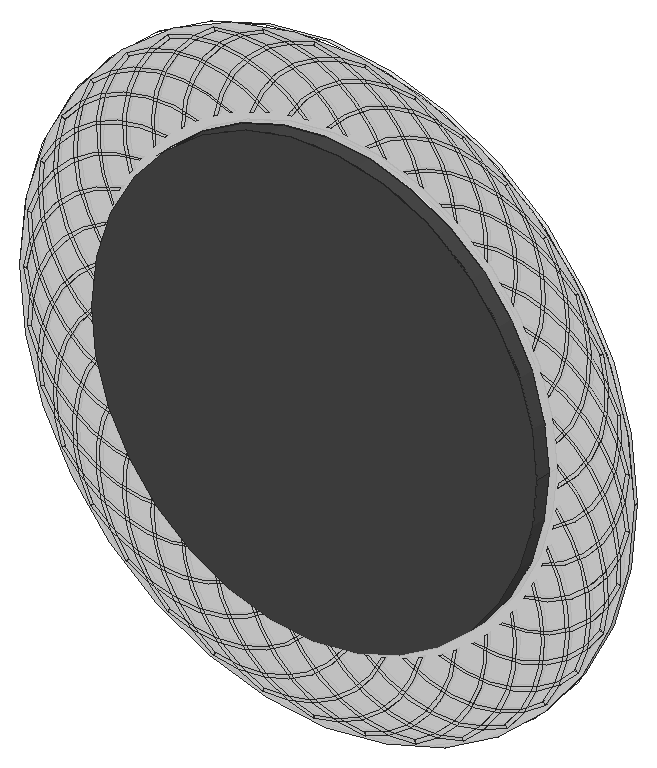
Revit family "3-1201-xx Perla Mirror", category Luminarias, Revit 2021 (continued)
Definition of nested family "Family1"
  Automatic sketch dimensions
    Extrusion 46 sketch curve to Extrusion 46 sketch curve = 97.763 mm
    Extrusion 46 sketch curve to Extrusion 46 sketch curve = 1.633 mm
    Extrusion 46 sketch curve to Extrusion 46 sketch curve = 50.922 mm
    Extrusion 46 sketch curve to Extrusion 46 sketch curve = 1.215 mm
    Extrusion 46 sketch curve to Extrusion 46 sketch curve = 1.302 mm
    Extrusion 46 sketch curve to Extrusion 46 sketch curve = 1.799 mm
    Extrusion 46 sketch curve to Extrusion 46 sketch curve = 3.118 mm
    Extrusion 47 sketch curve to Extrusion 47 sketch curve = 3.864 mm
    Extrusion 47 sketch curve to Extrusion 47 sketch curve = 97.763 mm
    Extrusion 47 sketch curve to Extrusion 47 sketch curve = 1.633 mm
    Extrusion 47 sketch curve to Extrusion 47 sketch curve = 50.922 mm
    Extrusion 47 sketch curve to Extrusion 47 sketch curve = 1.215 mm
    Extrusion 47 sketch curve to Extrusion 47 sketch curve = 1.302 mm
    Extrusion 47 sketch curve to Extrusion 47 sketch curve = 1.799 mm
    Extrusion 47 sketch curve to Extrusion 47 sketch curve = 3.118 mm
    Extrusion 48 sketch curve to Extrusion 48 sketch curve = 3.864 mm
    Extrusion 48 sketch curve to Extrusion 48 sketch curve = 97.763 mm
    Extrusion 48 sketch curve to Extrusion 48 sketch curve = 1.633 mm
    Extrusion 48 sketch curve to Extrusion 48 sketch curve = 50.922 mm
    Extrusion 48 sketch curve to Extrusion 48 sketch curve = 1.215 mm
    Extrusion 48 sketch curve to Extrusion 48 sketch curve = 1.302 mm
    Extrusion 48 sketch curve to Extrusion 48 sketch curve = 1.799 mm
    Extrusion 48 sketch curve to Extrusion 48 sketch curve = 3.118 mm
    Extrusion 49 sketch curve to Extrusion 49 sketch curve = 3.864 mm
    Extrusion 49 sketch curve to Extrusion 49 sketch curve = 97.763 mm
    Extrusion 49 sketch curve to Extrusion 49 sketch curve = 1.633 mm
    Extrusion 49 sketch curve to Extrusion 49 sketch curve = 50.922 mm
    Extrusion 49 sketch curve to Extrusion 49 sketch curve = 1.215 mm
    Extrusion 49 sketch curve to Extrusion 49 sketch curve = 1.302 mm
    Extrusion 49 sketch curve to Extrusion 49 sketch curve = 1.799 mm
    Extrusion 49 sketch curve to Extrusion 49 sketch curve = 3.118 mm
    Extrusion 50 sketch curve to Extrusion 50 sketch curve = 3.864 mm
    Extrusion 50 sketch curve to Extrusion 50 sketch curve = 97.763 mm
    Extrusion 50 sketch curve to Extrusion 50 sketch curve = 1.633 mm
    Extrusion 50 sketch curve to Extrusion 50 sketch curve = 50.922 mm
    Extrusion 50 sketch curve to Extrusion 50 sketch curve = 1.215 mm
    Extrusion 50 sketch curve to Extrusion 50 sketch curve = 1.302 mm
    Extrusion 50 sketch curve to Extrusion 50 sketch curve = 1.799 mm
    Extrusion 50 sketch curve to Extrusion 50 sketch curve = 3.118 mm
    Extrusion 51 sketch curve to Extrusion 51 sketch curve = 3.864 mm
    Extrusion 51 sketch curve to Extrusion 51 sketch curve = 97.763 mm
    Extrusion 51 sketch curve to Extrusion 51 sketch curve = 1.633 mm
    Extrusion 51 sketch curve to Extrusion 51 sketch curve = 50.922 mm
    Extrusion 51 sketch curve to Extrusion 51 sketch curve = 1.215 mm
    Extrusion 51 sketch curve to Extrusion 51 sketch curve = 1.302 mm
    Extrusion 51 sketch curve to Extrusion 51 sketch curve = 1.799 mm
    Extrusion 51 sketch curve to Extrusion 51 sketch curve = 3.118 mm
    Extrusion 52 sketch curve to Extrusion 52 sketch curve = 3.864 mm
    Extrusion 52 sketch curve to Extrusion 52 sketch curve = 97.763 mm
    Extrusion 52 sketch curve to Extrusion 52 sketch curve = 1.633 mm
    Extrusion 52 sketch curve to Extrusion 52 sketch curve = 50.922 mm
    Extrusion 52 sketch curve to Extrusion 52 sketch curve = 1.215 mm
    Extrusion 52 sketch curve to Extrusion 52 sketch curve = 1.302 mm
    Extrusion 52 sketch curve to Extrusion 52 sketch curve = 1.799 mm
    Extrusion 52 sketch curve to Extrusion 52 sketch curve = 3.118 mm
    Extrusion 53 sketch curve to Extrusion 53 sketch curve = 3.864 mm
    Extrusion 53 sketch curve to Extrusion 53 sketch curve = 97.763 mm
    Extrusion 53 sketch curve to Extrusion 53 sketch curve = 1.633 mm
    Extrusion 53 sketch curve to Extrusion 53 sketch curve = 50.922 mm
    Extrusion 53 sketch curve to Extrusion 53 sketch curve = 1.215 mm
    Extrusion 53 sketch curve to Extrusion 53 sketch curve = 1.302 mm
    Extrusion 53 sketch curve to Extrusion 53 sketch curve = 1.799 mm
    Extrusion 53 sketch curve to Extrusion 53 sketch curve = 3.118 mm
    Extrusion 54 sketch curve to Extrusion 54 sketch curve = 3.864 mm
    Extrusion 54 sketch curve to Extrusion 54 sketch curve = 97.763 mm
    Extrusion 54 sketch curve to Extrusion 54 sketch curve = 1.633 mm
    Extrusion 54 sketch curve to Extrusion 54 sketch curve = 50.922 mm
    Extrusion 54 sketch curve to Extrusion 54 sketch curve = 1.215 mm
    Extrusion 54 sketch curve to Extrusion 54 sketch curve = 1.302 mm
    Extrusion 54 sketch curve to Extrusion 54 sketch curve = 1.799 mm
    Extrusion 54 sketch curve to Extrusion 54 sketch curve = 3.118 mm
    Extrusion 55 sketch curve to Extrusion 55 sketch curve = 3.864 mm
    Extrusion 55 sketch curve to Extrusion 55 sketch curve = 97.763 mm
    Extrusion 55 sketch curve to Extrusion 55 sketch curve = 1.633 mm
    Extrusion 55 sketch curve to Extrusion 55 sketch curve = 50.922 mm
    Extrusion 55 sketch curve to Extrusion 55 sketch curve = 1.215 mm
    Extrusion 55 sketch curve to Extrusion 55 sketch curve = 1.302 mm
    Extrusion 55 sketch curve to Extrusion 55 sketch curve = 1.799 mm
    Extrusion 55 sketch curve to Extrusion 55 sketch curve = 3.118 mm
    Extrusion 56 sketch curve to Extrusion 56 sketch curve = 3.864 mm
    Extrusion 56 sketch curve to Extrusion 56 sketch curve = 97.763 mm
    Extrusion 56 sketch curve to Extrusion 56 sketch curve = 1.633 mm
    Extrusion 56 sketch curve to Extrusion 56 sketch curve = 50.922 mm
    Extrusion 56 sketch curve to Extrusion 56 sketch curve = 1.215 mm
    Extrusion 56 sketch curve to Extrusion 56 sketch curve = 1.302 mm
    Extrusion 56 sketch curve to Extrusion 56 sketch curve = 1.799 mm
    Extrusion 56 sketch curve to Extrusion 56 sketch curve = 3.118 mm
    Extrusion 57 sketch curve to Extrusion 57 sketch curve = 3.864 mm
    Extrusion 57 sketch curve to Extrusion 57 sketch curve = 97.763 mm
    Extrusion 57 sketch curve to Extrusion 57 sketch curve = 1.633 mm
    Extrusion 57 sketch curve to Extrusion 57 sketch curve = 50.922 mm
    Extrusion 57 sketch curve to Extrusion 57 sketch curve = 1.215 mm
    Extrusion 57 sketch curve to Extrusion 57 sketch curve = 1.302 mm
    Extrusion 57 sketch curve to Extrusion 57 sketch curve = 1.799 mm
    Extrusion 57 sketch curve to Extrusion 57 sketch curve = 3.118 mm
    Extrusion 58 sketch curve to Extrusion 58 sketch curve = 3.864 mm
    Extrusion 58 sketch curve to Extrusion 58 sketch curve = 97.763 mm
    Extrusion 58 sketch curve to Extrusion 58 sketch curve = 1.633 mm
    Extrusion 58 sketch curve to Extrusion 58 sketch curve = 50.922 mm
    Extrusion 58 sketch curve to Extrusion 58 sketch curve = 1.215 mm
    Extrusion 58 sketch curve to Extrusion 58 sketch curve = 1.302 mm
    Extrusion 58 sketch curve to Extrusion 58 sketch curve = 1.799 mm
    Extrusion 58 sketch curve to Extrusion 58 sketch curve = 3.118 mm
    Extrusion 59 sketch curve to Extrusion 59 sketch curve = 3.864 mm
    Extrusion 59 sketch curve to Extrusion 59 sketch curve = 97.763 mm
    Extrusion 59 sketch curve to Extrusion 59 sketch curve = 1.633 mm
    Extrusion 59 sketch curve to Extrusion 59 sketch curve = 50.922 mm
    Extrusion 59 sketch curve to Extrusion 59 sketch curve = 1.215 mm
    Extrusion 59 sketch curve to Extrusion 59 sketch curve = 1.302 mm
    Extrusion 59 sketch curve to Extrusion 59 sketch curve = 1.799 mm
    Extrusion 59 sketch curve to Extrusion 59 sketch curve = 3.118 mm
    Extrusion 60 sketch curve to Extrusion 60 sketch curve = 3.864 mm
    Extrusion 60 sketch curve to Extrusion 60 sketch curve = 97.763 mm
    Extrusion 60 sketch curve to Extrusion 60 sketch curve = 1.633 mm
    Extrusion 60 sketch curve to Extrusion 60 sketch curve = 50.922 mm
    Extrusion 60 sketch curve to Extrusion 60 sketch curve = 1.215 mm
    Extrusion 60 sketch curve to Extrusion 60 sketch curve = 1.302 mm
    Extrusion 60 sketch curve to Extrusion 60 sketch curve = 1.799 mm
    Extrusion 60 sketch curve to Extrusion 60 sketch curve = 3.118 mm
    Extrusion 61 sketch curve to Extrusion 61 sketch curve = 3.864 mm
    Extrusion 61 sketch curve to Extrusion 61 sketch curve = 97.763 mm
    Extrusion 61 sketch curve to Extrusion 61 sketch curve = 1.633 mm
    Extrusion 61 sketch curve to Extrusion 61 sketch curve = 50.922 mm
    Extrusion 61 sketch curve to Extrusion 61 sketch curve = 1.215 mm
    Extrusion 61 sketch curve to Extrusion 61 sketch curve = 1.302 mm
    Extrusion 61 sketch curve to Extrusion 61 sketch curve = 1.799 mm
    Extrusion 61 sketch curve to Extrusion 61 sketch curve = 3.118 mm
    Extrusion 62 sketch curve to Extrusion 62 sketch curve = 3.864 mm
    Extrusion 62 sketch curve to Extrusion 62 sketch curve = 97.763 mm
    Extrusion 62 sketch curve to Extrusion 62 sketch curve = 1.633 mm
    Extrusion 62 sketch curve to Extrusion 62 sketch curve = 50.922 mm
    Extrusion 62 sketch curve to Extrusion 62 sketch curve = 1.215 mm
    Extrusion 62 sketch curve to Extrusion 62 sketch curve = 1.302 mm
    Extrusion 62 sketch curve to Extrusion 62 sketch curve = 1.799 mm
    Extrusion 62 sketch curve to Extrusion 62 sketch curve = 3.118 mm
    Extrusion 63 sketch curve to Extrusion 63 sketch curve = 3.864 mm
    Extrusion 63 sketch curve to Extrusion 63 sketch curve = 97.763 mm
    Extrusion 63 sketch curve to Extrusion 63 sketch curve = 1.633 mm
    Extrusion 63 sketch curve to Extrusion 63 sketch curve = 50.922 mm
    Extrusion 63 sketch curve to Extrusion 63 sketch curve = 1.215 mm
    Extrusion 63 sketch curve to Extrusion 63 sketch curve = 1.302 mm
    Extrusion 63 sketch curve to Extrusion 63 sketch curve = 1.799 mm
    Extrusion 63 sketch curve to Extrusion 63 sketch curve = 3.118 mm
    Extrusion 64 sketch curve to Extrusion 64 sketch curve = 3.864 mm
    Extrusion 64 sketch curve to Extrusion 64 sketch curve = 97.763 mm
    Extrusion 64 sketch curve to Extrusion 64 sketch curve = 1.633 mm
    Extrusion 64 sketch curve to Extrusion 64 sketch curve = 50.922 mm
    Extrusion 64 sketch curve to Extrusion 64 sketch curve = 1.215 mm
    Extrusion 64 sketch curve to Extrusion 64 sketch curve = 1.302 mm
    Extrusion 64 sketch curve to Extrusion 64 sketch curve = 1.799 mm
    Extrusion 64 sketch curve to Extrusion 64 sketch curve = 3.118 mm
    Extrusion 65 sketch curve to Extrusion 65 sketch curve = 3.864 mm
    Extrusion 65 sketch curve to Extrusion 65 sketch curve = 97.763 mm
    Extrusion 65 sketch curve to Extrusion 65 sketch curve = 1.633 mm
    Extrusion 65 sketch curve to Extrusion 65 sketch curve = 50.922 mm
    Extrusion 65 sketch curve to Extrusion 65 sketch curve = 1.215 mm
    Extrusion 65 sketch curve to Extrusion 65 sketch curve = 1.302 mm
    Extrusion 65 sketch curve to Extrusion 65 sketch curve = 1.799 mm
    Extrusion 65 sketch curve to Extrusion 65 sketch curve = 3.118 mm
    Extrusion 66 sketch curve to Extrusion 66 sketch curve = 3.864 mm
    Extrusion 66 sketch curve to Extrusion 66 sketch curve = 97.763 mm
    Extrusion 66 sketch curve to Extrusion 66 sketch curve = 1.633 mm
    Extrusion 66 sketch curve to Extrusion 66 sketch curve = 50.922 mm
    Extrusion 66 sketch curve to Extrusion 66 sketch curve = 1.215 mm
    Extrusion 66 sketch curve to Extrusion 66 sketch curve = 1.302 mm
    Extrusion 66 sketch curve to Extrusion 66 sketch curve = 1.799 mm
    Extrusion 66 sketch curve to Extrusion 66 sketch curve = 3.118 mm
    Extrusion 67 sketch curve to Extrusion 67 sketch curve = 3.864 mm
    Extrusion 67 sketch curve to Extrusion 67 sketch curve = 97.763 mm
    Extrusion 67 sketch curve to Extrusion 67 sketch curve = 1.633 mm
    Extrusion 67 sketch curve to Extrusion 67 sketch curve = 50.922 mm
    Extrusion 67 sketch curve to Extrusion 67 sketch curve = 1.215 mm
    Extrusion 67 sketch curve to Extrusion 67 sketch curve = 1.302 mm
    Extrusion 67 sketch curve to Extrusion 67 sketch curve = 1.799 mm
    Extrusion 67 sketch curve to Extrusion 67 sketch curve = 3.118 mm
    Extrusion 68 sketch curve to Extrusion 68 sketch curve = 3.864 mm
    Extrusion 68 sketch curve to Extrusion 68 sketch curve = 97.763 mm
    Extrusion 68 sketch curve to Extrusion 68 sketch curve = 1.633 mm
    Extrusion 68 sketch curve to Extrusion 68 sketch curve = 50.922 mm
    Extrusion 68 sketch curve to Extrusion 68 sketch curve = 1.215 mm
    Extrusion 68 sketch curve to Extrusion 68 sketch curve = 1.302 mm
    Extrusion 68 sketch curve to Extrusion 68 sketch curve = 1.799 mm
    Extrusion 68 sketch curve to Extrusion 68 sketch curve = 3.118 mm
    Extrusion 69 sketch curve to Extrusion 69 sketch curve = 3.864 mm
    Extrusion 69 sketch curve to Extrusion 69 sketch curve = 97.763 mm
    Extrusion 69 sketch curve to Extrusion 69 sketch curve = 1.633 mm
    Extrusion 69 sketch curve to Extrusion 69 sketch curve = 50.922 mm
    Extrusion 69 sketch curve to Extrusion 69 sketch curve = 1.215 mm
    Extrusion 69 sketch curve to Extrusion 69 sketch curve = 1.302 mm
    Extrusion 69 sketch curve to Extrusion 69 sketch curve = 1.799 mm
    Extrusion 69 sketch curve to Extrusion 69 sketch curve = 3.118 mm
    Extrusion 70 sketch curve to Extrusion 70 sketch curve = 3.864 mm
    Extrusion 70 sketch curve to Extrusion 70 sketch curve = 97.763 mm
    Extrusion 70 sketch curve to Extrusion 70 sketch curve = 1.633 mm
    Extrusion 70 sketch curve to Extrusion 70 sketch curve = 50.922 mm
    Extrusion 70 sketch curve to Extrusion 70 sketch curve = 1.215 mm
    Extrusion 70 sketch curve to Extrusion 70 sketch curve = 1.302 mm
    Extrusion 70 sketch curve to Extrusion 70 sketch curve = 1.799 mm
    Extrusion 70 sketch curve to Extrusion 70 sketch curve = 3.118 mm
    Extrusion 71 sketch curve to Extrusion 71 sketch curve = 3.864 mm
    Extrusion 71 sketch curve to Extrusion 71 sketch curve = 97.763 mm
    Extrusion 71 sketch curve to Extrusion 71 sketch curve = 1.633 mm
    Extrusion 71 sketch curve to Extrusion 71 sketch curve = 50.922 mm
    Extrusion 71 sketch curve to Extrusion 71 sketch curve = 1.215 mm
    Extrusion 71 sketch curve to Extrusion 71 sketch curve = 1.302 mm
    Extrusion 71 sketch curve to Extrusion 71 sketch curve = 1.799 mm
    Extrusion 71 sketch curve to Extrusion 71 sketch curve = 3.118 mm
    Extrusion 72 sketch curve to Extrusion 72 sketch curve = 3.864 mm
    Extrusion 72 sketch curve to Extrusion 72 sketch curve = 97.763 mm
    Extrusion 72 sketch curve to Extrusion 72 sketch curve = 1.633 mm
    Extrusion 72 sketch curve to Extrusion 72 sketch curve = 50.922 mm
    Extrusion 72 sketch curve to Extrusion 72 sketch curve = 1.215 mm
    Extrusion 72 sketch curve to Extrusion 72 sketch curve = 1.302 mm
    Extrusion 72 sketch curve to Extrusion 72 sketch curve = 1.799 mm
    Extrusion 72 sketch curve to Extrusion 72 sketch curve = 3.118 mm
    Extrusion 73 sketch curve to Extrusion 73 sketch curve = 3.864 mm
    Extrusion 73 sketch curve to Extrusion 73 sketch curve = 97.763 mm
    Extrusion 73 sketch curve to Extrusion 73 sketch curve = 1.633 mm
    Extrusion 73 sketch curve to Extrusion 73 sketch curve = 50.922 mm
    Extrusion 73 sketch curve to Extrusion 73 sketch curve = 1.215 mm
    Extrusion 73 sketch curve to Extrusion 73 sketch curve = 1.302 mm
    Extrusion 73 sketch curve to Extrusion 73 sketch curve = 1.799 mm
    Extrusion 73 sketch curve to Extrusion 73 sketch curve = 3.118 mm
    Extrusion 74 sketch curve to Extrusion 74 sketch curve = 3.864 mm
    Extrusion 74 sketch curve to Extrusion 74 sketch curve = 97.763 mm
    Extrusion 74 sketch curve to Extrusion 74 sketch curve = 1.633 mm
    Extrusion 74 sketch curve to Extrusion 74 sketch curve = 50.922 mm
    Extrusion 74 sketch curve to Extrusion 74 sketch curve = 1.215 mm
    Extrusion 74 sketch curve to Extrusion 74 sketch curve = 1.302 mm
    Extrusion 74 sketch curve to Extrusion 74 sketch curve = 1.799 mm
    Extrusion 74 sketch curve to Extrusion 74 sketch curve = 3.118 mm
    Extrusion 75 sketch curve to Extrusion 75 sketch curve = 3.864 mm
    Extrusion 75 sketch curve to Extrusion 75 sketch curve = 97.763 mm
    Extrusion 75 sketch curve to Extrusion 75 sketch curve = 1.633 mm
    Extrusion 75 sketch curve to Extrusion 75 sketch curve = 50.922 mm
    Extrusion 75 sketch curve to Extrusion 75 sketch curve = 1.215 mm
    Extrusion 75 sketch curve to Extrusion 75 sketch curve = 1.302 mm
    Extrusion 75 sketch curve to Extrusion 75 sketch curve = 1.799 mm
    Extrusion 75 sketch curve to Extrusion 75 sketch curve = 3.118 mm
    Extrusion 76 sketch curve to Extrusion 76 sketch curve = 3.864 mm
    Extrusion 76 sketch curve to Extrusion 76 sketch curve = 97.763 mm
    Extrusion 76 sketch curve to Extrusion 76 sketch curve = 1.633 mm
    Extrusion 76 sketch curve to Extrusion 76 sketch curve = 50.922 mm
    Extrusion 76 sketch curve to Extrusion 76 sketch curve = 1.215 mm
    Extrusion 76 sketch curve to Extrusion 76 sketch curve = 1.302 mm
    Extrusion 76 sketch curve to Extrusion 76 sketch curve = 1.799 mm
    Extrusion 76 sketch curve to Extrusion 76 sketch curve = 3.118 mm
    Extrusion 77 sketch curve to Extrusion 77 sketch curve = 3.864 mm
    Extrusion 77 sketch curve to Extrusion 77 sketch curve = 97.763 mm
    Extrusion 77 sketch curve to Extrusion 77 sketch curve = 1.633 mm
    Extrusion 77 sketch curve to Extrusion 77 sketch curve = 50.922 mm
    Extrusion 77 sketch curve to Extrusion 77 sketch curve = 1.215 mm
    Extrusion 77 sketch curve to Extrusion 77 sketch curve = 1.302 mm
    Extrusion 77 sketch curve to Extrusion 77 sketch curve = 1.799 mm
    Extrusion 77 sketch curve to Extrusion 77 sketch curve = 3.118 mm
    radius of Extrusion 2 sketch curve = 380 mm
    radius of Extrusion 2 sketch curve = 275 mm
Types (3, lengths in mm): name | Diameter | Comentarios de vataje
  3-0201-15 / Black | 762 | "1 x 26 W at 120 V"
  3-0202-15 / Black | 914 | "1 x 50.7 W at 120 V"
  3-0203-15 / Black | 1219 | "1 x 99.8 W at 120 V"
